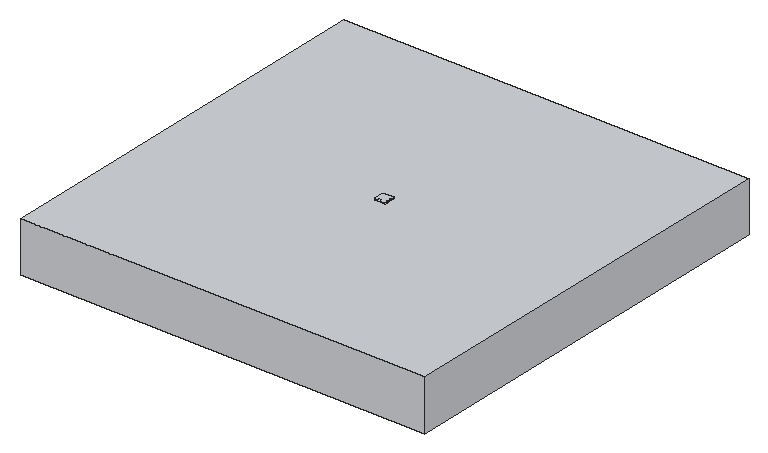
Revit family "Gira_003202", category Allgemeines Modell, Revit 2017
Family settings
  Basisbauteil = Fläche
  Kann Basisbauteil für Bewehrung sein = Nein
  Bemaßung runder Anschluss = Durchmesser verwenden
  Teiletyp = Normal
  Beim Laden mit Abzugskörper schneiden = Nein
  Gemeinsam genutzt = Nein
  Raumberechnungspunkt = Nein
Parameters
  With memory function = no
  With glass breaking detector connection = no
  With brightness sensor connection = no
  With Astro program = no
  Default Elevation = 1219.2 mm
  URL = "https://www.gira.de/"
  Typname = "TAE conn.box TAE 2 x 6/6 NFF Insert white"
  Type of fastening = "Screwing"
  Transparent = no
  Switch-off protection = no
  Surface protection = "Other"
  Surface finishing = "Not applicable"
  Suitable for wind sensor = no
  Suitable for rain sensor = no
  Suitable for degree of protection (IP) = "IP20"
  Substation input = yes
  Shielded housing = no
  Shielded buses = yes
  Separate strain relief = yes
  Random generator = no
  Productwebsite = "http://katalog.gira.de/en/datenblatt.html?artikelnr=003202"
  Nominal voltage [Volt] = 230
  Mounting method shielding connection = "Screw"
  Mounting method = "Flush mounted (plaster)"
  Mechanical coding = no
  Max. switching power [Voltampere] = 1000
  Material quality = "Other"
  Material = "Other"
  Integrated timer = no
  Hersteller = "Gira"
  Halogen free = no
  HAN = "003202"
  GTIN = "4010337034599"
  Degree of protection (IP) = "IP20"
  Data sheet = "https://katalog.gira.de/en/download.html?artikelnr=003202"
  Connection type = "Screw"
  Colour = "Other"
  Category = "Other"
  Beschreibung = "TAE conn.box TAE 2x6 6 NFF Ins. WH,Insert for TAE connection box,TAE 2 x 6 6 NFF,white,"
  BIM = "https://media.stage.bim.site/public/gira/290f3eb/Einsatz_1fach.rfa"
  Assembly arrangement = "Basic element"
Reference planes
  plane 1 "Center (Front/Back)": y = 0
  plane 2: z = 0
  plane 3 "Center (Left/Right)": x = 0
Forms (mm)
  Extrusion 1, solid
    sketch origin (0, 0, 0) x (1, 0, 0) y (0, 1, 0)
      loop
        line (-1219.2, 1219.2) -> (-1219.2, -1219.2) -> (1219.2, -1219.2) -> (1219.2, 1219.2) -> (-1219.2, 1219.2)
    from 0 to -304.8
  Extrusion 2, solid, detail levels fine
    sketch origin (0, 0, 0) x (1, 0, 0) y (0, 1, 0)
      loop
        line (27.475, 35.475) -> (-27.475, 35.475)
        arc (-27.475, 35.475) -> (-33.132, 33.132) -> (-35.475, 27.475) r 8
        line (-35.475, 27.475) -> (-35.475, -27.475)
        arc (-35.475, -27.475) -> (-33.132, -33.132) -> (-27.475, -35.475) r 8
        line (-27.475, -35.475) -> (27.475, -35.475)
        arc (27.475, -35.475) -> (33.132, -33.132) -> (35.475, -27.475) r 8
        line (35.475, -27.475) -> (35.475, 27.475)
        arc (35.475, 27.475) -> (33.132, 33.132) -> (27.475, 35.475) r 8
    from 0 to 1.8
  Extrusion 3, solid, detail levels fine
    sketch origin (0, 0, 0) x (1, 0, 0) y (0, 1, 0)
      loop
        line (9.678, 25.4) -> (-9.678, 25.4)
        arc (-9.678, 25.4) -> (-12.885, 24.922) -> (-15.814, 23.53) r 11
        arc (-15.814, 23.53) -> (-17.795, 22.07) -> (-19.641, 20.444) r 28.35
        arc (-19.641, 20.444) -> (-21.339, 18.665) -> (-22.876, 16.745) r 28.35
        arc (-22.876, 16.745) -> (-24.456, 13.666) -> (-25, 10.248) r 11
        line (-25, 10.248) -> (-25, -10.248)
        arc (-25, -10.248) -> (-24.456, -13.666) -> (-22.876, -16.745) r 11
        arc (-22.876, -16.745) -> (-20.409, -19.677) -> (-17.569, -22.25) r 28.35
        line (-17.569, -22.25) -> (17.569, -22.25)
        arc (17.569, -22.25) -> (20.409, -19.677) -> (22.876, -16.745) r 28.35
        arc (22.876, -16.745) -> (24.456, -13.666) -> (25, -10.248) r 11
        line (25, -10.248) -> (25, 10.248)
        arc (25, 10.248) -> (24.456, 13.666) -> (22.876, 16.745) r 11
        arc (22.876, 16.745) -> (21.593, 18.37) -> (20.195, 19.897) r 28.35
        arc (20.195, 19.897) -> (18.096, 21.823) -> (15.814, 23.53) r 28.35
        arc (15.814, 23.53) -> (12.885, 24.922) -> (9.678, 25.4) r 11
    from 0 to -22
  Extrusion 4, solid, detail levels medium
    sketch origin (0, 0, 0) x (1, 0, 0) y (0, 1, 0)
      loop
        line (-25, 25.4) -> (-25, -22.25) -> (25, -22.25) -> (25, 25.4) -> (-25, 25.4)
    from 0 to -22
  Extrusion 5, solid, detail levels coarse
    sketch origin (0, 0, 0) x (1, 0, 0) y (0, 1, 0)
      loop
        line (35.475, 35.475) -> (-35.475, 35.475) -> (-35.475, -35.475) -> (35.475, -35.475) -> (35.475, 35.475)
    from -22 to 1.8
  Extrusion 6, solid, detail levels medium
    sketch origin (0, 0, 0) x (1, 0, 0) y (0, 1, 0)
      loop
        line (35.475, 35.475) -> (-35.475, 35.475) -> (-35.475, -35.475) -> (35.475, -35.475) -> (35.475, 35.475)
    from 0 to 1.8
Dimensions and locks
  aligned and locked: plane 2 to Extrusion 1
  aligned and locked: level to Extrusion 1
Connectors
  electrical at (0, 0, -22)
    settings: on Extrusion 5, index 1, voltage 220 V, apparent load 0 VA, apparent load phase1 0 VA, apparent load phase2 0 VA, apparent load phase3 0 VA, power factor 1, load classification "Other", number of poles 1, system type 30, power factor state 1, is connector primary yes, connector utility no, sub classification motor no, connector description ""
